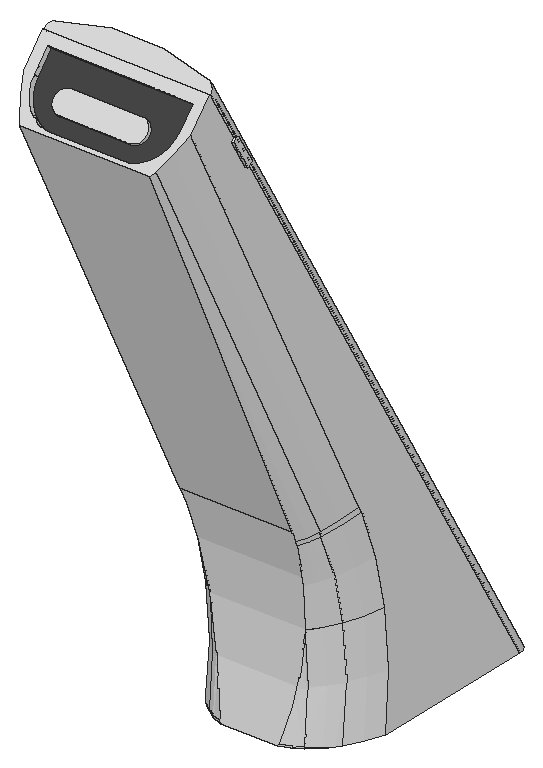
Revit family "77777777777777", category Plumbing Fixtures, host Face, Revit 2019
Family settings
  Host = Face
  Round Connector Dimension = Use Diameter
  Part Type = Normal
  OmniClass Number = 23.45.55.14
  OmniClass Title = Single Faucets
  Cut with Voids When Loaded = No
  Shared = No
  Room Calculation Point = No
Parameters (values of type "EFX-850-BAT-BDM-CP-0.5GPM-MLM-IR-FCT")
  Width = 2"
  Water Flow = 0.5 GPM
  Waste Connection = no
  WFU = 0
  Vent Connection = no
  Valve Pressure Drop = 0.00 psi
  URL = "www.sloanvalve.com"
  Product data url = "https://bimobject.com/sloan_valve/product/faucets_basys_efx-850"
  Product Material = Sloan Valve - Finish - Polished Chrome
  Product Guid = ""
  Pretempered Water Connection Diameter = 3/8"
  Part Number = "3324467"
  Model = "EFX-850-BAT-BDM-CP-0.5GPM-MLM-IR-FCT"
  Manufacturer = "Sloan Valve"  # constant formula
  Keynote = "15410"
  Height = 5 143/256"
  HWFU = 1.5
  HW Connection = yes
  Edition number = 1
  Description = "Battery Power Supply, Below Deck Manual Mixing Valve, Polished Chrome Finish, 0.5 gpm, Multi-Laminar Spray, Infrared Sensor, BASYS® Battery-Powered Wall-Mounted Wall Body Faucet."
  Depth = 8 59/256"
  Default Elevation = 0"  # constant formula
  CWFU = 1.5
  CW Connection = yes
  Assembly Code = "D2010"
Types (5): name | Water Flow | Part Number | Model | Description
  EFX-850-BAT-BDM-CP-0.5GPM-MLM-IR-FCT | 0.5 GPM | "3324467" | "EFX-850-BAT-BDM-CP-0.5GPM-MLM-IR-FCT" | "Battery Power Supply, Below Deck Manual Mixing Valve, Polished Chrome Finish, 0.5 gpm, Multi-Laminar Spray, Infrared Sensor, BASYS® Battery-Powered Wall-Mounted Wall Body Faucet."
  EFX-850-BAT-BDT-CP-0.5GPM-MLM-IR-FCT | 0.5 GPM | "3324378" | "EFX-850-BAT-BDT-CP-0.5GPM-MLM-IR-FCT" | "Battery Power Supply, Below Deck Thermostatic Mixing Valve, Polished Chrome Finish, 0.5 gpm, Multi-Laminar Spray, Infrared Sensor, BASYS® Battery-Powered Wall-Mounted Wall Body Faucet."
  EFX-850-BAT-BDT-CP-1.5GPM-IR-FCT | 1.5 GPM | "3324232" | "EFX-850-BAT-BDT-CP-1.5GPM-IR-FCT" | "Battery Power Supply, Below Deck Thermostatic Mixing Valve, Polished Chrome Finish, 1.5 gpm, Aerated (installed) or Laminar (in box) Spray, Infrared Sensor, BASYS® Battery-Powered Wall-Mounted Wall Body Faucet."
  EFX-850-BAT-TEE-CP-0.5GPM-MLM-IR-FCT | 0.5 GPM | "3324249" | "EFX-850-BAT-TEE-CP-0.5GPM-MLM-IR-FCT" | "Battery Power Supply, Back-Check Tee, Polished Chrome Finish, 0.5 gpm, Multi-Laminar Spray, Infrared Sensor, BASYS® Battery-Powered Wall-Mounted Wall Body Faucet"
  EFX-850-BAT-TEE-CP-1.5GPM-IR-FCT | 1.5 GPM | "3324056" | "EFX-850-BAT-TEE-CP-1.5GPM-IR-FCT" | "Battery Power Supply, Back-Check Tee, Polished Chrome Finish, 1.5 gpm, Aerated (installed) or Laminar (in box) Spray, Infrared Sensor, BASYS® Battery-Powered Wall-Mounted Wall Body Faucet."
Reference planes (in)
  plane 1 "Center (Front/Back)": y = 0
  plane 2: z = 0
  plane 3 "Center (Left/Right)": x = 0
  plane 4: x = -0.30128
  plane 5: x = 0
  plane 6: x = 0.89637
  plane 7: y = -4.06519
  plane 8: y = -1.06519
Dimensions and locks (in)
  locked: plane 4 to plane 3 "Center (Left/Right)" at 0.30128
  plane 3 "Center (Left/Right)" to plane 5 = 0"
  group 2 to group 1 = 0.30128"
  group 1 to group 2 = 0"  (x2)
  aligned and locked: plane 2 to host face
  aligned and locked: level to host face
  aligned and locked: plane 8 to nested 2
  aligned and locked: plane 5 to nested 3
Nested families (in)
  nested 1: "Geometry" at (0, 0, 0), type "Geometry"
  nested 2: "Connection" at (0.30128, -1.06519, 0) x (-1, 0, 0) z (0, 0, -1), type "Connection"
  nested 3: "Connection" at (0, -1.06519, 0) x (-1, 0, 0) z (0, 0, -1), type "Connection"
Connectors (in)
  piping at (0, -1.06519, 0), diameter 0.375, driven by "Pretempered Water Connection Diameter", driven by "CWFU", driven by "Valve Pressure Drop", driven by "Water Flow"
    settings: on nested 3, index 2, connector inside diameter 24", connector length 0", flow factor 0, pipe flow 0.5 GPM, pressure drop 0.00 psi, fitting loss kfactor 0, connector angle 0.00°, fixture units 1.5, engagement length 0", angle of deflection 0.00°, flow configuration 1, flow direction 1, fitting loss method 4, system type 20, joint type 0, gender type 0, connector reference index -1, connector utility 0, adjustable connector no, is connector primary yes, connector description "Pretempered Water Supply Connection"
Definition of nested family "Geometry"
  Parameters (values of type "Geometry")
    URL = ""
    Product Material = none
    Model = ""
    Manufacturer = ""
    Keynote = ""
    Description = ""
    Default Elevation = 0"
    Assembly Code = ""
  Reference planes (in)
    plane 1 "Center (Front/Back)": y = 0
    plane 2: z = 0
    plane 3 "Center (Left/Right)": x = 0
  Forms (in)
    Extrusion 1, solid
      sketch origin (0, 0, 0) x (1, 0, 0) y (0, 1, 0)
        loop
          line (-48, 48) -> (-48, -48) -> (48, -48) -> (48, 48) -> (-48, 48)
      from 0 to -12
    Extrusion 2, solid, material <- "Product Material"
      sketch origin (-0.00186, 0.99877, 0.32469) x (1, 0, 0) y (0, 0.866025, 0.5)
        loop
          line (-1, 0) -> (1, 0)
          arc (1, 0) -> (0.9821, 0.07054) -> (0.92494, 0.11558) r 0.11312
          arc (0.92494, 0.11558) -> (0, 0.25) -> (-0.92494, 0.11558) r 3.24955
          arc (-0.92494, 0.11558) -> (-0.9821, 0.07054) -> (-1, 0) r 0.11312
      from -1.14463 to 9.00601
    Extrusion 3, solid, material <- "Product Material"
      sketch origin (-0.00186, -4.0851, 0) x (0, 1, 0) y (0, 0, 1)
        loop
          line (5.27132, 0) -> (0.63991, 8.02185) -> (0.01991, 7.33327) -> (2.27451, 2.49827)
          arc (2.27451, 2.49827) -> (2.59919, 1.26705) -> (2.47314, 0) r 3.58579
          line (2.47314, 0) -> (5.27132, 0)
      from -1 to 1
    Sweep 4, void
      path origin (-0.00186, -4.0851, 0) x (0, 1, 0) y (0, 0, 1)
        loop
          line (-0.40422, 8.05545) -> (2.4044, 2.39281)
          arc (2.4044, 2.39281) -> (2.41848, 2.36378) -> (2.43206, 2.33452) r 1.86162
          arc (2.43206, 2.33452) -> (2.62283, 1.82655) -> (2.74453, 1.29775) r 4.08117
          arc (2.74453, 1.29775) -> (2.79644, 0.64887) -> (2.74453, 0) r 4.08117
          line (2.74453, 0) -> (2.74453, -0.34249)
      profile origin (-0.00186, -1.34057, -0.17124) x (1, 0, 0) y (0, 1, 0)
        loop
          arc (0.56752, -0.15241) -> (0, -0.33354) -> (-0.56752, -0.15241) r 0.97963
          arc (-0.56752, -0.15241) -> (-0.70454, -0.03189) -> (-0.81385, 0.11423) r 0.88276
          arc (-0.81385, 0.11423) -> (-1.01402, 0.56524) -> (-1.10027, 1.05108) r 2.04378
          line (-1.10027, 1.05108) -> (-1.29946, 1.05108) -> (-1.29946, -0.79071) -> (1.20054, -0.79071) -> (1.20054, 1.05108) -> (1.10027, 1.05108)
          arc (1.10027, 1.05108) -> (1.01402, 0.56524) -> (0.81385, 0.11423) r 2.04378
          arc (0.81385, 0.11423) -> (0.70454, -0.03189) -> (0.56752, -0.15241) r 0.88276
    Extrusion 5, void
      sketch origin (-0.00186, -4.0851, 0) x (0, 1, 0) y (0, 0, 1)
        loop
          line (0.60423, 7.96057) -> (0.92149, 8.33866) -> (0.65665, 8.60351) -> (0.28314, 8.23) -> (0.60423, 7.96057)
      from -1.48305 to 1.4416
    Extrusion 6, void
      sketch origin (-0.00186, -4.0851, 0) x (0, 1, 0) y (0, 0, 1)
        loop
          line (5.0738, 0) -> (5.0738, -0.79904) -> (6.02132, -0.79904) -> (6.02132, 0) -> (5.0738, 0)
      from -1.29946 to 1.20054
    Extrusion 7, solid, material <- "Product Material"
      sketch origin (-0.00186, 0.99877, 0.32469) x (1, 0, 0) y (0, 0.866025, 0.5)
        loop
          line (-0.96861, 0) -> (0.96861, 0)
          arc (0.96861, 0) -> (0.95676, 0.05217) -> (0.91522, 0.08587) r 0.08187
          arc (0.91522, 0.08587) -> (0, 0.21875) -> (-0.91522, 0.08587) r 3.2183
          arc (-0.91522, 0.08587) -> (-0.95676, 0.05217) -> (-0.96861, 0) r 0.08187
      from -0.26023 to 8.86027
    Extrusion 8, void
      sketch origin (-0.00186, -4.12355, 7.26845) x (0, 0.669131, 0.743145) y (1, 0, 0)
        loop
          line (0.8805, -0.875) -> (0.8805, 0.875) -> (0.58756, 0.875)
          arc (0.58756, 0.875) -> (0.26048, 0.73952) -> (0.125, 0.41244) r 0.46256
          line (0.125, 0.41244) -> (0.125, -0.41244)
          arc (0.125, -0.41244) -> (0.26048, -0.73952) -> (0.58756, -0.875) r 0.46256
          line (0.58756, -0.875) -> (0.8805, -0.875)
      from 0 to 0.0625
    Extrusion 9, solid, material <- "Product Material"
      sketch origin (-0.00186, -4.0851, 0) x (0, 1, 0) y (0, 0, 1)
        loop
          line (0.94439, 7.38311) -> (1.15472, 7.01882) -> (1.20952, 7.05441)
          arc (1.20952, 7.05441) -> (1.21822, 7.06672) -> (1.21605, 7.08163) r 0.02034
          line (1.21605, 7.08163) -> (1.02969, 7.40442)
          arc (1.02969, 7.40442) -> (1.01757, 7.41398) -> (1.00219, 7.41257) r 0.02083
          line (1.00219, 7.41257) -> (0.94439, 7.38311)
      from 0.95928 to 1.03471
    Extrusion 10, solid, material <- "Product Material"
      sketch origin (4.38132, 13.22574, 26.46104) x (0, 0.669131, 0.743145) y (-1, 0, 0)
        loop
          line (-25.56439, 4.80702) -> (-25.56439, 3.95936)
          arc (-25.56439, 3.95936) -> (-25.42572, 3.82069) -> (-25.28705, 3.95936) r 0.13867
          line (-25.28705, 3.95936) -> (-25.28705, 4.80702)
          arc (-25.28705, 4.80702) -> (-25.42572, 4.94569) -> (-25.56439, 4.80702) r 0.13867
      from 0.03447 to 0.0625
  Cuts and joins
    Sweep 4, Extrusion 8 cuts Extrusion 3
    Extrusion 5, Extrusion 6 cuts Extrusion 2
  Lines and regions (in)
    Masking region 1
      outline origin (0, 0, 0) x (1, 0, 0) y (0, 0, 1)
        loop
          line (0.99814, 0) -> (0.99814, 8.08593)
          spline (0.99814, 8.08593) -> (0.83621, 8.12496) -> (0.6717, 8.15706) -> (0.50513, 8.18214) -> (0.337, 8.2001) -> (0.16783, 8.2109) -> (-0.00186, 8.2145) -> (-0.17156, 8.2109) -> (-0.34073, 8.2001) -> (-0.50886, 8.18214) -> (-0.67543, 8.15706) -> (-0.83994, 8.12496) -> (-1.00186, 8.08593)
          line (-1.00186, 8.08593) -> (-1.00186, 0) -> (0.99814, 0)
    Masking region 2, detail levels fine
      outline origin (0, 0, 0) x (1, 0, 0) y (0, 0, 1)
        loop
          line (1.03285, 7.41484) -> (0.99513, 7.41484) -> (0.99513, 7.01882) -> (1.03285, 7.01882) -> (1.03285, 7.41484)
    symbolic lines, detail levels medium+fine
      curve 1: line (0.92307, 0, 0) -> (0.92307, 0, 8.10496)
      curve 2: line (-0.9268, 0, 0) -> (-0.9268, 0, 8.10496)
  Dimensions and locks (in)
    aligned and locked: plane 2 to Extrusion 1
    aligned and locked: level to Extrusion 1
Definition of nested family "Connection"
  Parameters (values of type "Connection")
    Default Elevation = 48"
  Reference planes (in)
    plane 1 "Center (Front/Back)": y = 0
    plane 2: z = 0
    plane 3 "Center (Left/Right)": x = 0
  Forms (in)
    Extrusion 1, solid
      sketch origin (0, 0, 0) x (1, 0, 0) y (0, 1, 0)
        loop
          line (-48, 48) -> (-48, -48) -> (48, -48) -> (48, 48) -> (-48, 48)
      from 0 to -12
    Extrusion 2, solid, not visible
      sketch origin (0, 0, 0) x (1, 0, 0) y (0, 1, 0)
        loop
          circle (0, 0) r 0.19685
      from 0.25126 to 0
  Dimensions and locks (in)
    aligned and locked: plane 2 to Extrusion 1
    aligned and locked: level to Extrusion 1
